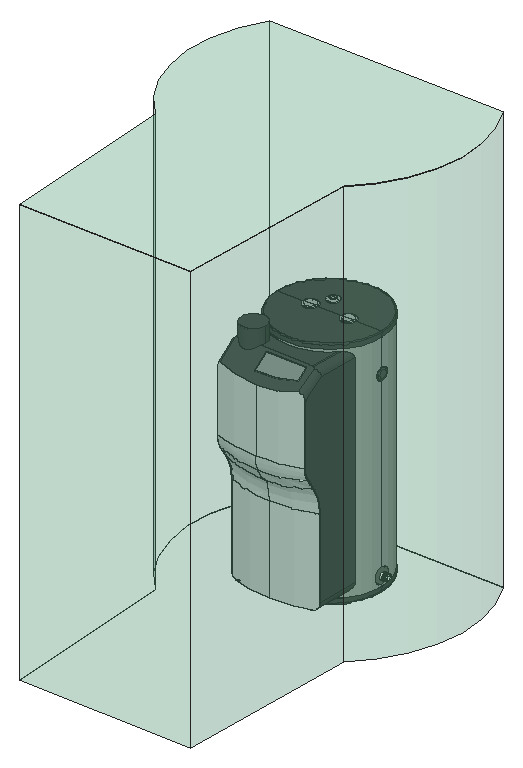
Revit family "Innovo BEFR_IR 12 160 BEFR LP", category Mechanical Equipment, Revit 2015
Parameters (values of type "IR-12-160 BEFR LP")
  largeur d'emballage = 786 mm  # constant formula
  l'Intervalle d'Entretien = "12 mois"  # constant formula
  Workspace Radius = Diameter + 170 mm  # 730 mm
  Workspace Height = Hauteur + 1000 mm  # 2270 mm
  Workspace Front Distance = 1000 mm
  Workspace [instance] = yes
  Valve Height 02 = if(and(Hauteur = 1745 mm, Diameter = 675 mm), 1518 mm, if(and(Hauteur = 1745 mm, Diameter = 610 mm), 1534 mm, if(Hauteur = 1545 mm, 1328 mm, 1070 mm)))  # 1070 mm
  Valve Height 01 = if(and(Diameter > 560 mm), 693 mm, 604 mm)  # 604 mm
  Valeur Maximale du Thermostat de Régulation = 85 °C  # constant formula
  Valeur Manimale du Thermostat de Régulation = 40 °C  # constant formula
  Valeur Défaut du Thermostat de Régulation = 65 °C  # constant formula
  URL = "www.aosmith.be"
  Type d'Installation = "B23/C13/C33/C43/C53/C63"  # constant formula
  Type d'emballage = "Carton et bois"  # constant formula
  Tension d'Alimentation (-15%, +10%) = 230 V  # constant formula
  Température Maximale des Fumées = 45 °C
  Temps de réchauffement à ΔT = 70°C = "42"
  Temps de réchauffement à ΔT = 55°C = "34"
  Temps de réchauffement à ΔT = 50°C = "31"
  Temps de réchauffement à ΔT = 44°C = "27"
  Temps de réchauffement à ΔT = 28°C = "17"
  Spécifications du Produit = ""
  Réglages du thermostat du chauffe-eau = 65 °C  # constant formula
  Réglage Standard Pour = "G20/G25"
  Rendement Saisonnier (Hs) = [Rendement (Hs, acc. NEN-EN 89 - 1999)]  # 96
  Rendement (Hs, acc. NEN-EN 89 - 1999) = 96
  Rendement (Hi, acc. NEN-EN 89 - 1999) = 107
  Raccord Évacuation de la Condensation = 40 mm  # constant formula
  Raccord de la Soupape de Vidange = 3/4"
  Raccord de Sortie d'Eau Chaude = 3/4"
  Raccord de Gaz = 15"  # constant formula
  Raccord d'Alimentation en Eau Froide = 3/4"  # constant formula
  Raccord Robinet de Vidange = 3/4"  # constant formula
  Puissance Électrique Absorbée (sommet) = 85 W
  Puissance Électrique Absorbée (nominal) = 25 W
  Profondeur d'emballage = 946 mm  # constant formula
  Profondeur = 780 mm  # constant formula
  Profils de soutirage déclaré = "XL"
  Production Nominale = "11700.0/9600.0"
  Pression de Fonctionnement Maximale = 800000.0 Pa  # constant formula
  Pression Différentielle d'Ouverture de l'Interrupteur de Pression < = 115.0 Pa
  Pression Amont de Gaz = "2000/2500 Pa"
  Precaustions during assembling, installation or maintenance = "voir Manuel d'installation, d'emploi er d'entretien"  # constant formula
  Poids à vide = 95 kg
  Poids de Transport = 114 kg
  Phase = 1
  Pertes en Veille - tous les jours (24h) = 0 W
  Pertes en Veille = 0 W
  Nombre de modèle du produit (EAN) = "8717449285890"
  Niveau du Son dB (A) = "<45"  # constant formula
  Niveau de puissance acoustique à l'intérieur = "41 dB"
  NOx-émissions mg/kWh = "22.0/23.0"
  NOx-émissions (ven air, 0% O2) ppm = "14.0/14.0"
  Modèdele = "IR-12-160"
  Model = "IR-12-160 FR NAT"
  Marque commerciale = "A.O. Smith"  # constant formula
  Manufacturer = "A.O. Smith Water Products Company b.v."  # constant formula
  Largeur = Diameter  # 560 mm
  La commande intelligente = no
  L'efficacité énergétique pour le chauffage de l'eau (2) = "-"
  L'efficacité énergétique pour le chauffage de l'eau (1) = "92%"
  Hauteur du Raccordement au Gaz = 860 mm
  Hauteur de la Sortie d'eau Chaude = 1270 mm
  Hauteur de l'Alimentation en eau Froide = 170 mm
  Hauteur d'emballage = 1465 mm
  Hauteur Conduit d'Évacuation des Fumées = 1295 mm
  Hauteur Conduit d'Alimentation en Air = 1295 mm
  Hauteur = 1270 mm
  Guide de Produit = ""
  Garantie sur la Cuve = "36 mois"  # constant formula
  Garantie Pièces = "12 mois"  # constant formula
  Fréquence secteur = 50 Hz  # constant formula
  Forctionner qu'en heures creuses = no
  Fabricant No. = "E 7110"  # constant formula
  Epaisseur d'Isolation = 50 mm
  Débit de vidage à ΔT = 70°C après 90 min. = 270.0 L
  Débit de vidage à ΔT = 70°C après 60 min. = 200.0 L
  Débit de vidage à ΔT = 70°C après 30 min. = 120.0 L
  Débit de vidage à ΔT = 70°C après 120 min. = 340.0 L
  Débit de vidage à ΔT = 55°C après 90 min. = 370.0 L
  Débit de vidage à ΔT = 55°C après 60 min. = 270.0 L
  Débit de vidage à ΔT = 55°C après 30 min. = 180.0 L
  Débit de vidage à ΔT = 55°C après 120 min. = 460.0 L
  Débit de vidage à ΔT = 50°C après 90 min. = 410.0 L
  Débit de vidage à ΔT = 50°C après 60 min. = 310.0 L
  Débit de vidage à ΔT = 50°C après 30 min. = 210.0 L
  Débit de vidage à ΔT = 50°C après 120 min. = 510.0 L
  Débit de vidage à ΔT = 44°C après 90 min. = 480.0 L
  Débit de vidage à ΔT = 44°C après 60 min. = 360.0 L
  Débit de vidage à ΔT = 44°C après 30 min. = 250.0 L
  Débit de vidage à ΔT = 44°C après 120 min. = 590.0 L
  Débit de vidage à ΔT = 28°C après 90 min. = 780.0 L
  Débit de vidage à ΔT = 28°C après 60 min. = 600.0 L
  Débit de vidage à ΔT = 28°C après 30 min. = 420.0 L
  Débit de vidage à ΔT = 28°C après 120 min. = 960.0 L
  Débit de vidage en Continu à ΔT = 70°C = 150.0 L/s
  Débit de vidage en Continu à ΔT = 55°C = 190.0 L/s
  Débit de vidage en Continu à ΔT = 50°C = 200.0 L/s
  Débit de vidage en Continu à ΔT = 44°C = 230.0 L/s
  Débit de vidage en Continu à ΔT = 28°C = 360.0 L/s
  Diamètre Cheminée - Système Parallèle = "2x80"  # constant formula
  Diamètre Cheminée - Système Concentrique = "80/125 mm/mm"  # constant formula
  Diamètre Cheminée - Boiler = "80/125 mm/mm"  # constant formula
  Diameter = 560 mm
  Destination / Country = "Belgique"  # constant formula
  Description = "Préparateur ECS Solaire en Combinaison avec Réservoir de Stockage"  # constant formula
  D'autres profils de soutirage = "-"
  Created By = "http://www.cadcompany.nl/"
  Consommation de Gaz - Volume ltr/hr = "1.20/1.10"
  Consommation de Gaz - Masse kg/h = "a/p"
  Class d'efficacité énergétique (2) = "-"
  Class d'efficacité énergétique (1) = "A"  # constant formula
  Charge Nominale (Valeur Supérieure) = "12100.0/10000.0"
  Charge Nominale (Valeur Inférieure) = "10900.0/9000.0"
  Charge Maximale au Sol = 274 kg
  Catégorie de Gaz = "I2E(S)B"
  Capacité = 160.0 L
  CO2 Émissions (tol. +/- 1.0) vol% = "9.3/7.5"
  CE-PIN = "0063CQ3037"  # constant formula
  BIM Content Developer = "CAD & Company"  # constant formula
  Assembly Code = "D3010"
  Annual fuel consumption (2) = "-"
  Annual fuel consumption (1) = "16 GJ GCV"
  Annual electricity consumption (2) = "-"
  Annual electricity consumption (1) = "38 kWh"
  2ème Entretien (Entretien Général) = "12 mois après l'installation"  # constant formula
  1er Entretien (check-up) = "3 mois après l'installation"  # constant formula
Reference planes
  plane 1 "Center (Front/Back)": y = 0
  plane 2: z = 0
  plane 3 "Center (Left/Right)": x = 0
  plane 4 "Pipe": through (-383.901, 912.349, 194.799) normal (-0.0879, -0.0879, 0.9923)
  plane 5 "footing": y = 118.925
  plane 6 "footing front": y = -237.85
  plane 7: x = -280
  plane 8: x = 280
  plane 9: z = 1270
Forms (mm)
  Revolve 1, solid, material "RAL 9005", detail levels medium+fine
    sketch origin (0, -237.85, 0) x (-1, 0, 0) y (0, 0, 1)
      loop
        line (0, 28.9) -> (-15, 28.9) -> (-15, 26.4) -> (-8.671, 26.4) -> (-8.671, 18) -> (-5.686, 18) -> (-6.626, 17.06) -> (-6.626, 12.06) -> (-8.671, 12.06) -> (-8.671, 10) -> (-10.031, 10) -> (-23.271, 5.181)
        arc (-23.271, 5.181) -> (-23.763, 4.836) -> (-24.017, 4.293) r 1.159
        line (-24.017, 4.293) -> (-24.017, 1.03)
        arc (-24.017, 1.03) -> (-23.715, 0.302) -> (-22.986, 0) r 1.03
        line (-22.986, 0) -> (0, 0) -> (0, 28.9)
      axis (0, 28.9) -> (0, 0)
    angle from 0 to 360
  Revolve 2, solid, material "RAL 9005", detail levels medium+fine
    sketch origin (0, 118.925, 0) x (-1, 0, 0) y (0, 0, 1)
      loop
        line (-180.984, 28.9) -> (-195.984, 28.9) -> (-195.984, 26.4) -> (-189.655, 26.4) -> (-189.655, 18) -> (-186.67, 18) -> (-187.61, 17.06) -> (-187.61, 12.06) -> (-189.655, 12.06) -> (-189.655, 10) -> (-191.015, 10) -> (-204.256, 5.181)
        arc (-204.256, 5.181) -> (-204.747, 4.836) -> (-205.001, 4.293) r 1.159
        line (-205.001, 4.293) -> (-205.001, 1.03)
        arc (-205.001, 1.03) -> (-204.699, 0.302) -> (-203.971, 0) r 1.03
        line (-203.971, 0) -> (-180.984, 0) -> (-180.984, 28.9)
      axis (-180.984, 28.9) -> (-180.984, 0)
    angle from 0 to 360
  Revolve 3, solid, material "RAL 9005", detail levels medium+fine
    sketch origin (0, 118.925, 0) x (-1, 0, 0) y (0, 0, 1)
      loop
        line (179.016, 28.9) -> (164.016, 28.9) -> (164.016, 26.4) -> (170.345, 26.4) -> (170.345, 18) -> (173.33, 18) -> (172.39, 17.06) -> (172.39, 12.06) -> (170.345, 12.06) -> (170.345, 10) -> (168.985, 10) -> (155.744, 5.181)
        arc (155.744, 5.181) -> (155.253, 4.836) -> (154.999, 4.293) r 1.159
        line (154.999, 4.293) -> (154.999, 1.03)
        arc (154.999, 1.03) -> (155.301, 0.302) -> (156.029, 0) r 1.03
        line (156.029, 0) -> (179.016, 0) -> (179.016, 28.9)
      axis (179.016, 28.9) -> (179.016, 0)
    angle from 0 to 360
Lines and regions (mm)
  symbolic lines
    curve 1: line (0, 280.06, 0) -> (0, -280.06, 0)
    curve 2: line (-255.06, 0, 0) -> (255.06, 0, 0)
  symbolic lines, style "Workspace"
    curve 3: line (623.261, 380.06, 0) -> (-623.261, 380.06, 0)
    curve 4: arc (-623.261, 380.06, 0) -> (-726.942, -66.745, 0) -> (-543.632, -487.2, 0) r 730
    curve 5: line (-543.632, -487.2, 0) -> (-396.783, -1492.825, 0)
    curve 6: line (-396.783, -1492.825, 0) -> (399.03, -1492.825, 0)
    curve 7: line (399.03, -1492.825, 0) -> (545.76, -484.816, 0)
    curve 8: arc (545.76, -484.816, 0) -> (727.087, -65.154, 0) -> (623.261, 380.06, 0) r 730
Dimensions and locks
  plane 5 "footing" to plane 1 "Center (Front/Back)" = 118.925 mm
  plane 1 "Center (Front/Back)" to plane 6 "footing front" = 237.85 mm
  "Diameter": plane 7 to plane 8
  equal spacing: plane 7, plane 3 "Center (Left/Right)", plane 8
  "Hauteur": plane 9 to plane 2
  "Workspace Front Distance": curve 6 to nested 3
  "Workspace Radius": radius of curve 4
  "Workspace Radius": radius of curve 8
  aligned and locked: level to plane 2
  aligned and locked: nested 3 to Revolve 1 sketch curve
  aligned and locked: plane 3 "Center (Left/Right)" to Revolve 1 sketch curve
  aligned and locked: nested 3 to plane 1 "Center (Front/Back)"
  aligned and locked: plane 3 "Center (Left/Right)" to nested 3
  aligned and locked: nested 1 to plane 8
  aligned and locked: nested 5 to plane 8
  aligned and locked: nested 2 to plane 7
  aligned and locked: nested 4 to plane 7
  aligned and locked: nested 7 to plane 7
  aligned and locked: nested 8 to plane 3 "Center (Left/Right)"
  aligned and locked: plane 1 "Center (Front/Back)" to nested 8
  aligned and locked: nested 8 to nested 3
  aligned and locked: curve 3 to nested 8
Automatic sketch dimensions
  Revolve 1 sketch curve to level = 0 mm
  plane 3 "Center (Left/Right)" to Revolve 1 sketch curve = 5.686 mm
  Revolve 1 sketch curve to Revolve 1 sketch curve = 0.94 mm  (x2)
  Revolve 1 sketch curve to Revolve 1 sketch curve = 2.046 mm  (x2)
  Revolve 1 sketch curve to Revolve 1 sketch curve = 1.359 mm
  Revolve 1 sketch curve to Revolve 1 sketch curve = 6.329 mm
  level to Revolve 1 sketch curve = 4.091 mm
  Revolve 1 sketch curve to Revolve 1 sketch curve = 12.844 mm
  level to Revolve 1 sketch curve = 1.03 mm
  Revolve 1 sketch curve to Revolve 1 sketch curve = 0.111 mm
  level to Revolve 1 sketch curve = 5.181 mm
  Revolve 1 sketch curve to Revolve 1 sketch curve = 0.745 mm
  level to Revolve 1 sketch curve = 10 mm
  Revolve 1 sketch curve to Revolve 1 sketch curve = 2.06 mm
  Revolve 1 sketch curve to Revolve 1 sketch curve = 5 mm
  Revolve 1 sketch curve to Revolve 1 sketch curve = 8.4 mm
  Revolve 1 sketch curve to Revolve 1 sketch curve = 2.5 mm
  Revolve 1 sketch curve to level = 19.635 mm
  Revolve 1 sketch curve to Revolve 1 sketch curve = 46.465 mm
  Revolve 2 sketch curve to level = 0 mm
  level to Revolve 2 sketch curve = 1.03 mm
  Revolve 2 sketch curve to plane 8 = 74.999 mm
  level to Revolve 2 sketch curve = 5.181 mm
  Revolve 2 sketch curve to Revolve 2 sketch curve = 0.745 mm
  Revolve 2 sketch curve to Revolve 2 sketch curve = 0.397 mm
  Revolve 2 sketch curve to Revolve 2 sketch curve = 8.271 mm
  Revolve 2 sketch curve to Revolve 2 sketch curve = 13.241 mm
  Revolve 2 sketch curve to Revolve 2 sketch curve = 1.359 mm
  Revolve 2 sketch curve to Revolve 2 sketch curve = 6.329 mm
  Revolve 2 sketch curve to Revolve 2 sketch curve = 2.046 mm
  level to Revolve 2 sketch curve = 18 mm
  Revolve 2 sketch curve to Revolve 2 sketch curve = 0.94 mm  (x2)
  Revolve 2 sketch curve to Revolve 2 sketch curve = 8.671 mm
  Revolve 2 sketch curve to Revolve 2 sketch curve = 1.089 mm
  Revolve 2 sketch curve to Revolve 2 sketch curve = 8 mm
  Revolve 2 sketch curve to Revolve 2 sketch curve = 2.06 mm
  Revolve 2 sketch curve to Revolve 2 sketch curve = 8.4 mm
  Revolve 2 sketch curve to Revolve 2 sketch curve = 2.5 mm
  Revolve 2 sketch curve to Revolve 2 sketch curve = 0 mm
  Revolve 2 sketch curve to level = 19.635 mm
  Revolve 2 sketch curve to Revolve 2 sketch curve = 46.465 mm
  Revolve 3 sketch curve to level = 0 mm
  level to Revolve 3 sketch curve = 1.03 mm
  Revolve 3 sketch curve to plane 7 = 125.001 mm
  level to Revolve 3 sketch curve = 5.181 mm
  Revolve 3 sketch curve to Revolve 3 sketch curve = 0.745 mm
  Revolve 3 sketch curve to Revolve 3 sketch curve = 0.397 mm
  Revolve 3 sketch curve to Revolve 3 sketch curve = 8.271 mm
  Revolve 3 sketch curve to Revolve 3 sketch curve = 13.241 mm
  Revolve 3 sketch curve to Revolve 3 sketch curve = 1.359 mm
  Revolve 3 sketch curve to Revolve 3 sketch curve = 6.329 mm
  Revolve 3 sketch curve to Revolve 3 sketch curve = 2.046 mm
  level to Revolve 3 sketch curve = 18 mm
  Revolve 3 sketch curve to Revolve 3 sketch curve = 0.94 mm  (x2)
  Revolve 3 sketch curve to Revolve 3 sketch curve = 8.671 mm
  Revolve 3 sketch curve to Revolve 3 sketch curve = 1.089 mm
  Revolve 3 sketch curve to Revolve 3 sketch curve = 8 mm
  Revolve 3 sketch curve to Revolve 3 sketch curve = 2.06 mm
  Revolve 3 sketch curve to Revolve 3 sketch curve = 8.4 mm
  Revolve 3 sketch curve to Revolve 3 sketch curve = 2.5 mm
  Revolve 3 sketch curve to Revolve 3 sketch curve = 0 mm
  Revolve 3 sketch curve to level = 19.635 mm
  Revolve 3 sketch curve to Revolve 3 sketch curve = 46.465 mm
  curve 4 to curve 8 = 0 mm  (x2)
  plane 1 "Center (Front/Back)" to curve 2 = 0 mm
  curve 1 to plane 3 "Center (Left/Right)" = 0 mm
  plane 1 "Center (Front/Back)" to curve 4 = 0 mm
  curve 4 to plane 3 "Center (Left/Right)" = 0 mm
  curve 5 to plane 6 "footing front" = 249.35 mm
  plane 7 to curve 5 = 116.783 mm
  plane 8 to curve 7 = 119.03 mm
  curve 7 to plane 6 "footing front" = 246.966 mm
  curve 2 to plane 7 = 24.94 mm
  curve 2 to plane 8 = 24.94 mm
  curve 1 to plane 6 "footing front" = 42.21 mm
  plane 5 "footing" to curve 1 = 161.135 mm
Nested families
  nested 1: "Valve" at (280, -0.38, 1070) x (0, 1, 0) z (0, 0, 1), built-in parameter 1001364 <- "Valve Height 02", type "Valve"
  nested 2: "Drain Valve" at (-280, 0, 1070), built-in parameter 1001364 <- "Valve Height 02", type "Drain Valve"
  nested 3: "Housing Mother Housing S 57 (external)" at (0, -274.886, 0), type "Housing Mother_Housing S_57"
  nested 4: "Drain Valve" at (-280, 0, 177), type "Drain Valve"
  nested 5: "Drain Valve" at (280, 0, 107) x (-1, 0, 0) z (0, 0, 1), type "Drain Valve"
  nested 6: "Boiler" at (0, 0, 0), height <- "Hauteur", type "Boiler"
    with height 1270 mm
  nested 7: "Drain Valve" at (-280, 0, 604), built-in parameter 1001364 <- "Valve Height 01", type "Drain Valve"
  nested 8: "Innovo_workspace" at (0, 0, 0), Workspace <- "Workspace", Workspace Distance Front <- "Workspace Front Distance", Workspace Height <- "Workspace Height", Workspace Radius <- "Workspace Radius", type "Workspace"
    with Workspace Radius 730 mm, Workspace Height 2270 mm, Workspace Distance Front 1000 mm, Workspace yes, Center to Front 492.825 mm
Connectors
  piping at (314.826, 0, 107), diameter 19.05, driven by "Raccord Robinet de Vidange"
    settings: on nested 5, index 1, connector inside diameter 24", connector length 0 mm, flow factor 0, pipe flow 0.0 L/s, pressure drop 0.0 Pa, fitting loss kfactor 0, connector angle 0.00°, fixture units 0, engagement length 0 mm, angle of deflection 0.00°, flow configuration 0, flow direction 0, fitting loss method 0, system type 19, joint type 0, gender type 0, connector reference index -1, connector utility 0, adjustable connector no, is connector primary yes, connector description ""
  hvac at (-147.013, -321.326, 1310.674)
    settings: on nested 3, index 2, duct flow 0.0 L/s, flow factor 0, pres drop 0.0 Pa, loss coef 0, conn angle 0.00°, conn width 304.8 mm, conn height 304.8 mm, conn diameter 125 mm, duct sys type 4, conn prof type 0, flow config 0, flow direction 0, loss method 0, conn ref index -1, conn util no, is conn primary yes, conn desc ""
Definition of nested family "Valve"
  Parameters (values of type "Valve")
    Type Comments = "T&P valve (internal)"
    Manufacturer = "A.O. Smith"
  Reference planes
    plane 1 "Center (Front/Back)": y = 0
    plane 2: z = 0
    plane 3 "Center (Left/Right)": x = 0
  Forms (mm)
    Extrusion 1, solid, detail levels fine
      sketch origin (0, 0, 0) x (1, 0, 0) y (0, 0, 1)
        loop
          circle (0, 0) r 31.5
      from -2.271 to 1.4
    Sweep 2, solid, detail levels fine
      path origin (0, -1.4, 0) x (1, 0, 0) y (0, 0, 1)
        loop
          circle (0, 0) r 31.5
      profile origin (0, -1.4, 31.5) x (0, 0, -1) y (0, -1, 0)
        loop
          line (7.3, 0) -> (7.3, 3) -> (0, 0) -> (7.3, 0)
  Dimensions and locks
    aligned and locked: level to plane 2
Definition of nested family "Drain Valve"
  Reference planes
    plane 1 "Center (Front/Back)": y = 0
    plane 2: z = 0
    plane 3 "Center (Left/Right)": x = 0
  Forms (mm)
    Revolve 1, solid, detail levels medium+fine
      sketch origin (0, 0, 0) x (1, 0, 0) y (0, 0, 1)
        loop
          line (-33.442, 15.696) -> (-34.826, 14.329) -> (-34.93, 12.731) -> (-16.555, 12.731) -> (-16.555, 0) -> (15.787, 0) -> (15.787, 18.3) -> (-14.4, 18.3) -> (-17.148, 15.533) -> (-18.729, 16.697) -> (-20.091, 15.333) -> (-21.672, 16.496) -> (-23.034, 15.133) -> (-24.614, 16.296) -> (-25.976, 14.932) -> (-27.557, 16.096) -> (-28.919, 14.732) -> (-30.5, 15.896) -> (-31.862, 14.532) -> (-33.442, 15.696)
        axis (-34.93, 0) -> (15.787, 0)
      angle from 0 to 360
  Dimensions and locks
    aligned and locked: level to plane 2
  Nested families
    nested 1: "Rubber sealing" at (2.592, -0.155, 0) x (0.0023, -1, 0) z (0, 0, 1), type "Rubber sealing", detail levels fine
  Definition of nested family "Rubber sealing"
    Reference planes
      plane 1 "Center (Front/Back)": y = 0
      plane 2: z = 0
      plane 3 "Center (Left/Right)": x = 0
    Forms (mm)
      Extrusion 1, solid, detail levels fine
        sketch origin (141.861, 319.581, 0) x (1, 0, 0) y (0, 1, 0)
          loop
            line (-216.354, -311.898) -> (-216.354, -313.94)
            arc (-216.354, -313.94) -> (-141.602, -321.581) -> (-66.861, -313.835) r 366.966
            line (-66.861, -313.835) -> (-66.861, -311.791)
            arc (-66.861, -311.791) -> (-141.602, -319.581) -> (-216.354, -311.898) r 364.966
        from -80 to 80
      Extrusion 2, void
        sketch origin (141.861, 319.581, 0) x (1, 0, 0) y (0, 0, 1)
          loop
            circle (-141.861, 0) r 13
          loop
            circle (-141.861, 0) r 110
          loop
            circle (-141.861, 0) r 40
        from 311.563 to 332.684
      Extrusion 3, void
        sketch origin (141.861, 319.581, 0) x (1, 0, 0) y (0, 0, 1)
          loop
            circle (-141.861, 0) r 18.25
        from 315.524 to 326.084
    Cuts and joins
      Extrusion 2, Extrusion 3 cuts Extrusion 1
    Dimensions and locks
      aligned and locked: level to plane 2
Definition of nested family "Housing Mother Housing S 57 (external)"
  Parameters (values of type "Housing Mother_Housing S_57")
    radius [instance] = 280 mm
    distance to boiler center = if(diameter = 675 mm, 189 mm, if(diameter = 610 mm, 154 mm, 129 mm))  # 129 mm
    diameter = 560 mm
  Reference planes
    plane 1 "Center (Front/Back)": y = 0
    plane 2: z = 0
    plane 3 "Center (Left/Right)": x = 0
    plane 4 "left": through (-245.286, 145.886, 1200) normal (0.9994, 0.0349, 0)
    plane 5: y = -217.939
    plane 6: y = 145.886
    plane 7: z = 1232.6
    plane 8: z = 65.89
    plane 9 "right": through (245.286, 145.886, 1200) normal (0.9994, -0.0349, 0)
    plane 10 "display": through (0, -90.37, 1221.196) normal (0, -0.5736, 0.8192)
    plane 11 "Potentiostat": z = 867.899
    plane 12 "boiler center": y = 274.886
    plane 13: x = -280
    plane 14: x = 280
  Forms (mm)
    Extrusion 1, solid
      sketch origin (0, 0, 0) x (1, 0, 0) y (0, 1, 0)
        loop
          line (-245.286, 145.886) -> (-232.581, -217.939) -> (232.581, -217.939) -> (245.286, 145.886)
          arc (245.286, 145.886) -> (0, 0.923) -> (-245.286, 145.886) r 280
      from 0 to 1232.6
    Sweep 2, void
      path origin (0, 0, 0) x (0, 1, 0) y (0, 0, 1)
        loop
          line (-217.939, 1232.6) -> (-217.939, 795.555)
          arc (-217.939, 795.555) -> (-212.387, 754.285) -> (-197.694, 715.322) r 183.924
          arc (-197.694, 715.322) -> (-179.915, 684.628) -> (-159.106, 655.901) r 348.284
          arc (-159.106, 655.901) -> (-131.411, 600.328) -> (-121.88, 538.973) r 202.254
          line (-121.88, 538.973) -> (-121.88, 61.106)
      profile origin (0, -217.939, 1014.077) x (1, 0, 0) y (0, 1, 0)
        loop
          arc (0, 0) -> (-117.533, 9.941) -> (-231.728, 39.475) r 699.984
          arc (-231.728, 39.475) -> (-233.391, 40.705) -> (-234.07, 42.659) r 3.505
          line (-234.07, 42.659) -> (-254.062, 42.659) -> (-254.062, -142.593) -> (254.07, -142.593) -> (254.07, 42.659) -> (234.07, 42.659)
          arc (234.07, 42.659) -> (233.391, 40.705) -> (231.728, 39.475) r 3.505
          arc (231.728, 39.475) -> (117.533, 9.941) -> (0, 0) r 699.984
    Extrusion 3, void
      sketch origin (0, 0, 0) x (0, 1, 0) y (0, 0, 1)
        loop
          arc (102.864, 70.869) -> (99.804, 70.709) -> (96.874, 69.813) r 12.57
          arc (96.874, 69.813) -> (87.878, 66.533) -> (78.516, 64.529) r 69.114
          arc (78.516, 64.529) -> (76.41, 64.284) -> (74.294, 64.148) r 41.206
          arc (74.294, 64.148) -> (65.203, 64.335) -> (56.122, 64.782) r 318.661
          arc (56.122, 64.782) -> (30.585, 66.179) -> (5.028, 67.128) r 1456.581
          line (5.028, 67.128) -> (-84.534, 73.135)
          arc (-84.534, 73.135) -> (-86.363, 73.808) -> (-87.536, 75.365) r 3.455
          line (-87.536, 75.365) -> (-264.473, 75.365) -> (-264.473, 0) -> (160.886, 0) -> (160.886, 103.945) -> (145.886, 103.945)
          arc (145.886, 103.945) -> (145.104, 97.827) -> (142.923, 92.059) r 26.364
          arc (142.923, 92.059) -> (141.067, 88.936) -> (138.867, 86.045) r 31.715
          arc (138.867, 86.045) -> (135.576, 82.49) -> (132.021, 79.2) r 62.615
          arc (132.021, 79.2) -> (125.841, 74.697) -> (119.091, 71.103) r 54.444
          arc (119.091, 71.103) -> (116.371, 70.272) -> (113.531, 70.123) r 11.669
          line (113.531, 70.123) -> (102.864, 70.869)
      from -254.062 to 254.07
    Sweep 4, void
      path origin (0, 0, 0) x (1, 0, 0) y (0, 1, 0)
        loop
          line (-245.286, 145.886) -> (-232.581, -217.939)
      profile origin (-238.933, -36.027, 0) x (0.999391, 0.034899, 0) y (0, 0, 1)
        loop
          line (-4.454, 0) -> (47.084, 0) -> (47.084, 73.431)
          arc (47.084, 73.431) -> (14.222, 85.134) -> (0.255, 117.1) r 43.922
          line (0.255, 117.1) -> (-4.454, 117.1) -> (-4.454, 0)
    Sweep 5, void
      path origin (0, 0, 0) x (-1, 0, 0) y (0, 1, 0)
        loop
          line (-245.286, 145.886) -> (-232.581, -217.939)
      profile origin (238.933, -36.027, 0) x (0.999391, -0.034899, 0) y (0, 0, 1)
        loop
          line (4.454, 0) -> (4.454, 117.1) -> (-0.255, 117.1)
          arc (-0.255, 117.1) -> (-14.222, 85.134) -> (-47.084, 73.431) r 43.922
          line (-47.084, 73.431) -> (-47.084, 0) -> (4.454, 0)
    Sweep 6, void
      path origin (-239.899, -8.377, 0) x (-0.034899, 0.999391, 0) y (0, 0, 1)
        loop
          line (-209.69, 1141.272) -> (-79.18, 1232.6) -> (154.358, 1232.6)
      profile origin (-241.211, 29.188, 1232.6) x (0, 0, 1) y (0.999391, 0.034899, 0)
        loop
          line (-45, -30) -> (75, -30) -> (75, 0) -> (75, 55) -> (2.799, 55) -> (-1.253, 35.128)
          arc (-1.253, 35.128) -> (-16.771, 9.564) -> (-45, -0.308) r 44.287
          line (-45, -0.308) -> (-45, -30)
    Sweep 7, void
      path origin (239.899, -8.377, 0) x (0.034899, 0.999391, 0) y (0, 0, 1)
        loop
          line (-209.69, 1141.272) -> (-79.18, 1232.6) -> (154.358, 1232.6)
      profile origin (241.211, 29.188, 1232.6) x (0, 0, -1) y (-0.999391, 0.034899, 0)
        loop
          line (-75, -25) -> (45, -25) -> (45, -0.308)
          arc (45, -0.308) -> (16.771, 9.564) -> (1.253, 35.128) r 44.287
          line (1.253, 35.128) -> (-2.799, 55) -> (-75, 55) -> (-75, -25)
    Extrusion 8, void
      sketch origin (0, 0, 0) x (0, 1, 0) y (0, 0, 1)
        loop
          line (-270, 1336.099) -> (-270, 1099.081) -> (68.497, 1336.099) -> (-270, 1336.099)
      from -425.038 to 444.42
    Extrusion 9, solid, detail levels medium+fine
      sketch origin (0, 0, 0) x (1, 0, 0) y (0, 1, 0)
        loop
          circle (-147.013, -46.44) r 65
      from 1163.174 to 1310.674
    Extrusion 10, void
      sketch origin (0, -603.506, 861.895) x (0, 0.819152, 0.573576) y (-1, 0, 0)
        loop
          arc (618.322, -173) -> (623.272, -170.95) -> (625.322, -166) r 7
          line (625.322, -166) -> (625.322, 35)
          arc (625.322, 35) -> (623.272, 39.95) -> (618.322, 42) r 7
          line (618.322, 42) -> (535.473, 42)
          arc (535.473, 42) -> (530.688, 40.11) -> (528.488, 35.46) r 7
          arc (528.488, 35.46) -> (531.569, -67.592) -> (554.18, -168.18) r 540
          arc (554.18, -168.18) -> (556.724, -171.668) -> (560.831, -173) r 7
          line (560.831, -173) -> (618.322, -173)
      from 0 to 137.286
    Sweep 11, solid, detail levels fine
      path origin (0, 0, 867.899) x (-1, 0, 0) y (0, -1, 0)
        loop
          line (309.749, -35.617) -> (204.371, -35.617)
          arc (204.371, -35.617) -> (196.509, -34.687) -> (189.082, -31.947) r 33.677
          line (189.082, -31.947) -> (-9.574, 69.274)
      profile origin (-257.06, 35.617, 867.899) x (0, 1, 0) y (0, 0, 1)
        loop
          circle (0, 0) r 7.316
        loop
          circle (0, 0) r 6.465
    Revolve 12, void
      sketch origin (0, 274.886, 0) x (-1, 0, 0) y (0, 0, 1)
        loop
          line (280, 1243.838) -> (0, 1243.838) -> (0, 54.9) -> (280, 54.9) -> (280, 1243.838)
        axis (0, 1243.838) -> (0, 54.9)
      angle from 0 to 360
  Cuts and joins
    Sweep 2, Extrusion 3, Sweep 4, Sweep 5, Sweep 6, Sweep 7, Extrusion 8, Extrusion 10, Revolve 12 cuts Extrusion 1
  Dimensions and locks
    plane 8 to plane 2 = 65.89 mm
    plane 7 to plane 8 = 1166.71 mm
    "distance to boiler center": plane 12 "boiler center" to plane 6
    "diameter": plane 14 to plane 13
    equal spacing: plane 14, plane 3 "Center (Left/Right)", plane 13
    "radius": plane 3 "Center (Left/Right)" to plane 13
    aligned and locked: level to plane 2
    aligned and locked: Extrusion 1 to plane 7
    aligned and locked: Extrusion 1 sketch curve to plane 5
    aligned and locked: Sweep 2 to Extrusion 3
    aligned and locked: Extrusion 3 to Sweep 2  (x2)
    aligned and locked: plane 7 to Sweep 2 sketch curve
    aligned and locked: plane 3 "Center (Left/Right)" to Revolve 12 sketch curve
    aligned and locked: Revolve 12 sketch curve to plane 3 "Center (Left/Right)"
    aligned and locked: plane 13 to Revolve 12 sketch curve
  Automatic sketch dimensions
    Extrusion 1 sketch curve to plane 4 "left" = 0 mm  (x2)
    Extrusion 1 sketch curve to plane 6 = 0 mm  (x2)
    Extrusion 1 sketch curve to plane 3 "Center (Left/Right)" = 0 mm
    Extrusion 1 sketch curve to plane 9 "right" = 0 mm
    plane 6 to Extrusion 1 sketch curve = 135.037 mm
    Sweep 2 sketch curve to plane 5 = 0 mm
    plane 5 to Sweep 2 sketch curve = 106.195 mm
    Sweep 2 sketch curve to plane 5 = 96.059 mm
    plane 1 "Center (Front/Back)" to Sweep 2 sketch curve = 34.053 mm
    plane 11 "Potentiostat" to Sweep 2 sketch curve = 6.417 mm
    Sweep 2 sketch curve to plane 6 = 33.705 mm
    Sweep 2 sketch curve to plane 11 "Potentiostat" = 68.615 mm
    Sweep 2 sketch curve to plane 11 "Potentiostat" = 72.345 mm
    Sweep 2 sketch curve to Sweep 2 sketch curve = 176.349 mm
    Sweep 2 sketch curve to Sweep 2 sketch curve = 0 mm  (x2)
    plane 8 to Sweep 2 sketch curve = 4.784 mm
    Extrusion 3 sketch curve to level = 0 mm
    Extrusion 3 sketch curve to plane 6 = 0 mm
    Extrusion 3 sketch curve to plane 6 = 26.363 mm
    Extrusion 3 sketch curve to Extrusion 3 sketch curve = 4.75 mm
    Extrusion 3 sketch curve to Extrusion 3 sketch curve = 5.179 mm
    Extrusion 3 sketch curve to plane 8 = 4.232 mm
    Extrusion 3 sketch curve to Extrusion 3 sketch curve = 0.814 mm
    Extrusion 3 sketch curve to plane 8 = 4.978 mm
    Extrusion 3 sketch curve to Extrusion 3 sketch curve = 10.667 mm
    Extrusion 3 sketch curve to Extrusion 3 sketch curve = 0.877 mm
    Extrusion 3 sketch curve to Extrusion 3 sketch curve = 17.827 mm
    Extrusion 3 sketch curve to Extrusion 3 sketch curve = 5.646 mm
    Extrusion 3 sketch curve to plane 6 = 69.562 mm
    Extrusion 3 sketch curve to Extrusion 3 sketch curve = 18.6 mm
    Extrusion 3 sketch curve to Extrusion 3 sketch curve = 22.538 mm
    Extrusion 3 sketch curve to plane 8 = 1.238 mm
    Extrusion 3 sketch curve to plane 1 "Center (Front/Back)" = 5.028 mm
    plane 1 "Center (Front/Back)" to Extrusion 3 sketch curve = 36.224 mm
    Extrusion 3 sketch curve to plane 8 = 10.692 mm
    plane 1 "Center (Front/Back)" to Extrusion 3 sketch curve = 84.302 mm
    Extrusion 3 sketch curve to plane 8 = 7.244 mm
    Extrusion 3 sketch curve to Extrusion 3 sketch curve = 0.231 mm
    Extrusion 3 sketch curve to Extrusion 3 sketch curve = 3.234 mm
    plane 5 to Extrusion 3 sketch curve = 46.534 mm
    plane 6 to Extrusion 3 sketch curve = 15 mm
    Extrusion 3 sketch curve to level = 1388.869 mm
    plane 8 to Extrusion 3 sketch curve = 7.561 mm
    Extrusion 3 sketch curve to Extrusion 3 sketch curve = 11.64 mm
    Extrusion 3 sketch curve to plane 8 = 38.054 mm
    Extrusion 3 sketch curve to Extrusion 3 sketch curve = 22.442 mm
    Extrusion 3 sketch curve to plane 8 = 39.432 mm
    Extrusion 3 sketch curve to Extrusion 3 sketch curve = 2.466 mm
    Extrusion 3 sketch curve to Extrusion 3 sketch curve = 14.17 mm
    Extrusion 3 sketch curve to Extrusion 3 sketch curve = 5.925 mm
    Extrusion 3 sketch curve to Extrusion 3 sketch curve = 6.186 mm
    Extrusion 3 sketch curve to Extrusion 3 sketch curve = 249.85 mm
    Extrusion 3 sketch curve to Extrusion 3 sketch curve = 0 mm  (x4)
    Extrusion 3 sketch curve to Extrusion 3 sketch curve = 6.845 mm
    plane 8 to Extrusion 3 sketch curve = 1.743 mm
    Sweep 4 sketch curve to plane 4 "left" = 0 mm  (x2)
    Sweep 4 sketch curve to plane 6 = 0 mm
    plane 5 to Sweep 4 sketch curve = 0 mm
    Sweep 4 sketch curve to level = 0 mm
    profile plane to Sweep 4 sketch curve = 4.454 mm
    Sweep 4 sketch curve to profile plane = 0.255 mm
    Sweep 4 sketch curve to Sweep 4 sketch curve = 43.922 mm
    Sweep 4 sketch curve to profile plane = 47.084 mm
    level to Sweep 4 sketch curve = 73.431 mm
    Sweep 4 sketch curve to Sweep 4 sketch curve = 43.669 mm
    Sweep 5 sketch curve to plane 6 = 0 mm
    Sweep 5 sketch curve to plane 9 "right" = 0 mm  (x2)
    plane 5 to Sweep 5 sketch curve = 0 mm
    Sweep 5 sketch curve to level = 0 mm
    profile plane to Sweep 5 sketch curve = 47.084 mm
    Sweep 5 sketch curve to Sweep 5 sketch curve = 2.907 mm
    profile plane to Sweep 5 sketch curve = 0.255 mm
    Sweep 5 sketch curve to profile plane = 4.454 mm
    level to Sweep 5 sketch curve = 73.431 mm
    Sweep 5 sketch curve to Sweep 5 sketch curve = 43.669 mm
    Sweep 6 sketch curve to plane 7 = 0 mm
    plane 7 to Sweep 6 sketch curve = 91.328 mm
    Sweep 6 sketch curve to Sweep 6 sketch curve = 130.509 mm
    Sweep 6 sketch curve to Sweep 6 sketch curve = 233.538 mm
    Sweep 6 sketch curve to plane 4 "left" = 0 mm
    profile plane to Sweep 6 sketch curve = 45 mm
    Sweep 6 sketch curve to Sweep 6 sketch curve = 0.354 mm
    profile plane to Sweep 6 sketch curve = 1.253 mm
    Sweep 6 sketch curve to profile plane = 2.799 mm
    Sweep 6 sketch curve to Sweep 6 sketch curve = 72.201 mm
    Sweep 6 sketch curve to plane 4 "left" = 0.308 mm
    Sweep 6 sketch curve to Sweep 6 sketch curve = 29.692 mm
    plane 4 "left" to Sweep 6 sketch curve = 35.128 mm
    plane 4 "left" to Sweep 6 sketch curve = 55 mm
    Sweep 7 sketch curve to plane 7 = 0 mm
    Sweep 7 sketch curve to plane 7 = 91.328 mm
    Sweep 7 sketch curve to Sweep 7 sketch curve = 130.509 mm
    Sweep 7 sketch curve to Sweep 7 sketch curve = 233.538 mm
    Sweep 7 sketch curve to plane 9 "right" = 25 mm
    profile plane to Sweep 7 sketch curve = 75 mm
    profile plane to Sweep 7 sketch curve = 2.799 mm
    Sweep 7 sketch curve to profile plane = 1.253 mm
    Sweep 7 sketch curve to Sweep 7 sketch curve = 43.393 mm
    Sweep 7 sketch curve to profile plane = 45 mm
    Sweep 7 sketch curve to plane 9 "right" = 0.308 mm
    plane 9 "right" to Sweep 7 sketch curve = 35.128 mm
    Sweep 7 sketch curve to Sweep 7 sketch curve = 19.872 mm
    plane 5 to Extrusion 8 sketch curve = 52.061 mm
    Extrusion 8 sketch curve to plane 1 "Center (Front/Back)" = 68.497 mm
    plane 7 to Extrusion 8 sketch curve = 133.519 mm
    Extrusion 8 sketch curve to plane 7 = 103.499 mm
    plane 1 "Center (Front/Back)" to Extrusion 9 sketch curve = 46.44 mm
    Extrusion 9 sketch curve to plane 3 "Center (Left/Right)" = 147.013 mm
    Extrusion 10 sketch curve to plane 3 "Center (Left/Right)" = 0 mm
    Extrusion 10 sketch curve to plane 3 "Center (Left/Right)" = 35 mm
    Extrusion 10 sketch curve to Extrusion 10 sketch curve = 25.359 mm
    Extrusion 10 sketch curve to Extrusion 10 sketch curve = 57.491 mm
    Extrusion 10 sketch curve to plane 3 "Center (Left/Right)" = 42 mm
    Extrusion 10 sketch curve to Extrusion 10 sketch curve = 82.85 mm
    Extrusion 10 sketch curve to Extrusion 10 sketch curve = 7 mm
    Extrusion 10 sketch curve to Extrusion 10 sketch curve = 442 mm
    plane 3 "Center (Left/Right)" to Extrusion 10 sketch curve = 166 mm
    Extrusion 10 sketch curve to Extrusion 10 sketch curve = 0 mm  (x2)
    Sweep 11 sketch curve to plane 1 "Center (Front/Back)" = 31.947 mm
    Sweep 11 sketch curve to plane 3 "Center (Left/Right)" = 189.082 mm
    Sweep 11 sketch curve to plane 1 "Center (Front/Back)" = 1.94 mm
    Sweep 11 sketch curve to Sweep 11 sketch curve = 15.289 mm
    plane 3 "Center (Left/Right)" to Sweep 11 sketch curve = 9.574 mm
    Sweep 11 sketch curve to Sweep 11 sketch curve = 105.378 mm
    plane 1 "Center (Front/Back)" to Sweep 11 sketch curve = 69.274 mm
    Sweep 11 sketch curve to Sweep 11 sketch curve = 0 mm  (x2)
    Sweep 11 sketch curve to plane 11 "Potentiostat" = 0 mm
    Sweep 11 sketch curve to profile plane = 0 mm
    plane 8 to Revolve 12 sketch curve = 10.99 mm
    Revolve 12 sketch curve to plane 7 = 11.238 mm
    Revolve 12 sketch curve to level = 366.045 mm
    Revolve 12 sketch curve to Revolve 12 sketch curve = 971.917 mm
    Sweep 2 sketch curve to plane 3 "Center (Left/Right)" = 0 mm
    profile plane to Sweep 2 sketch curve = 0 mm
    Sweep 2 sketch curve to plane 3 "Center (Left/Right)" = 0.016 mm
    Sweep 2 sketch curve to profile plane = 42.782 mm  (x2)
    Sweep 2 sketch curve to plane 3 "Center (Left/Right)" = 230.568 mm
    plane 3 "Center (Left/Right)" to Sweep 2 sketch curve = 0.016 mm
    plane 3 "Center (Left/Right)" to Sweep 2 sketch curve = 230.568 mm
    Sweep 2 sketch curve to Sweep 2 sketch curve = 3.502 mm  (x2)
    Sweep 2 sketch curve to Sweep 2 sketch curve = 20 mm
    profile plane to Sweep 2 sketch curve = 142.593 mm
    Sweep 2 sketch curve to Sweep 2 sketch curve = 0.122 mm  (x2)
    Sweep 2 sketch curve to Sweep 2 sketch curve = 657.203 mm
    Sweep 2 sketch curve to Sweep 2 sketch curve = 19.991 mm
    radius of Extrusion 9 sketch curve = 65 mm
    radius of Sweep 11 sketch curve = 7.316 mm
    radius of Sweep 11 sketch curve = 6.465 mm
  Nested families
    nested 1: "display" at (65.5, -130.939, 1192.79) x (-1, 0, 0) z (0, -0.5736, 0.8192), type "display"
  Definition of nested family "display"
    Parameters (values of type "display")
      Default Elevation = 1219.2 mm
    Reference planes
      plane 1 "Center (Front/Back)": y = 0
      plane 2: z = 0
      plane 3 "Center (Left/Right)": x = 0
    Forms (mm)
      Extrusion 1, solid, detail levels medium+fine
        sketch origin (-16.958, 11.842, -343.878) x (1, 0, 0) y (0, 0, -1)
          loop
            line (-233.523, -343.878) -> (-233.523, -346.592) -> (332.686, -346.592) -> (332.686, -343.878) -> (-233.523, -343.878)
        from -228.7 to 150.822
      Extrusion 2, void
        sketch origin (-16.958, 6.842, -343.878) x (1, 0, 0) y (0, 1, 0)
          loop
            line (-233.523, 155.822) -> (-233.523, -223.7) -> (332.686, -223.7) -> (332.686, 155.822) -> (-233.523, 155.822)
          loop
            arc (-90.542, -48.267) -> (-88.492, -53.216) -> (-83.542, -55.267) r 7
            line (-83.542, -55.267) -> (117.458, -55.267)
            arc (117.458, -55.267) -> (122.408, -53.216) -> (124.458, -48.267) r 7
            line (124.458, -48.267) -> (124.458, 34.583)
            arc (124.458, 34.583) -> (122.568, 39.368) -> (117.918, 41.568) r 7
            arc (117.918, 41.568) -> (14.866, 38.487) -> (-85.722, 15.876) r 540
            arc (-85.722, 15.876) -> (-89.21, 13.332) -> (-90.542, 9.224) r 7
            line (-90.542, 9.224) -> (-90.542, -48.267)
        from 328.878 to 363.083
    Cuts and joins
      Extrusion 2 cuts Extrusion 1
    Dimensions and locks
      aligned and locked: level to plane 2
Definition of nested family "Boiler"
  Parameters (values of type "Boiler")
    radius [instance] = 280 mm
    height [instance] = 1270 mm
    Diameter = 560 mm
  Reference planes
    plane 1 "Center (Front/Back)": y = 0
    plane 2: z = 0
    plane 3 "Center (Left/Right)": x = 0
    plane 4: z = 1243.838
    plane 5: z = 1270
    plane 6 "bottom": z = 28.9
    plane 7: z = 54.9
    plane 8 "top controle": y = 88
    plane 9: x = -280
    plane 10: x = 280
  Forms (mm)
    Revolve 1, solid
      sketch origin (0, 0, 0) x (1, 0, 0) y (0, 0, 1)
        loop
          line (0, 54.9) -> (-280, 54.9) -> (-280, 32.9)
          arc (-280, 32.9) -> (-278.828, 30.072) -> (-276, 28.9) r 4
          line (-276, 28.9) -> (0, 28.9) -> (0, 54.9)
        axis (0, 28.9) -> (0, 54.9)
      angle from 0 to 360
    Revolve 2, solid
      sketch origin (1.311, 0, 0) x (1, 0, 0) y (0, 0, 1)
        loop
          line (-278.86, 1243.838) -> (-278.86, 54.9) -> (-1.311, 54.9) -> (-1.311, 1243.838) -> (-278.86, 1243.838)
        axis (-1.311, 1243.838) -> (-1.311, 54.9)
      angle from 0 to 360
    Revolve 3, solid
      sketch origin (-9.205, 0, 377.212) x (-1, 0, 0) y (0, 0, 1)
        loop
          line (-148.904, 892.788) -> (-110.805, 892.788) -> (-110.805, 895.963) -> (-141.883, 895.963) -> (-148.904, 893.62) -> (-148.904, 892.788)
        axis (-110.805, 892.788) -> (-110.805, 895.963)
      angle from 0 to 360
    Revolve 4, solid
      sketch origin (0, 0, 718.065) x (1, 0, 0) y (0, 0, -1)
        loop
          line (0, -525.773) -> (-280, -525.773) -> (-280, -547.935)
          arc (-280, -547.935) -> (-278.828, -550.763) -> (-276, -551.935) r 4
          line (-276, -551.935) -> (0, -551.935) -> (0, -525.773)
        axis (0, -551.935) -> (0, -525.773)
      angle from 0 to 360
    Revolve 5, solid
      sketch origin (0, 88, 0) x (1, 0, 0) y (0, 0, 1)
        loop
          line (-19.051, 1270) -> (-19.051, 1271.074) -> (-32.63, 1275.604) -> (-32.63, 1271.117) -> (-37.266, 1271.117) -> (-38.383, 1270) -> (-19.051, 1270)
        axis (-50.8, 1270) -> (-50.8, 1275.604)
      angle from 0 to 360
    Revolve 6, solid
      sketch origin (-217.12, 0, 372.245) x (-1, 0, 0) y (0, 0, 1)
        loop
          line (-153.622, 897.755) -> (-115.52, 897.755) -> (-115.52, 900.93) -> (-146.626, 900.93) -> (-153.622, 898.596) -> (-153.622, 897.755)
        axis (-115.52, 897.755) -> (-115.52, 900.93)
      angle from 0 to 360
  Dimensions and locks
    "height": plane 5 to plane 2
    plane 6 "bottom" to plane 2 = 28.9 mm
    locked: plane 5 to plane 4 at 26.162
    locked: plane 1 "Center (Front/Back)" to plane 8 "top controle" at 88
    "Diameter": plane 10 to plane 9
    equal spacing: plane 10, plane 3 "Center (Left/Right)", plane 9
    "radius": plane 3 "Center (Left/Right)" to plane 9
    locked: plane 9 to Revolve 2 sketch curve at 2.452
    aligned and locked: level to plane 2
    aligned and locked: Revolve 2 sketch curve to plane 7
    aligned and locked: Revolve 2 sketch curve to plane 4
    aligned and locked: Revolve 1 sketch curve to plane 7
    aligned and locked: plane 6 "bottom" to Revolve 1 sketch curve
    aligned and locked: Revolve 4 sketch curve to plane 3 "Center (Left/Right)"
    aligned and locked: plane 5 to Revolve 4 sketch curve
    aligned and locked: Revolve 4 sketch curve to plane 4
    aligned and locked: plane 9 to Revolve 4 sketch curve
    aligned and locked: Revolve 1 sketch curve to plane 9
    aligned and locked: Revolve 2 sketch curve to plane 3 "Center (Left/Right)"
    aligned and locked: plane 3 "Center (Left/Right)" to Revolve 2 sketch curve
  Automatic sketch dimensions
    Revolve 1 sketch curve to plane 3 "Center (Left/Right)" = 0 mm  (x2)
    Revolve 1 sketch curve to Revolve 1 sketch curve = 4 mm
    Revolve 1 sketch curve to level = 40 mm
    Revolve 1 sketch curve to Revolve 1 sketch curve = 305.1 mm
    Revolve 2 sketch curve to level = 366.045 mm
    Revolve 2 sketch curve to plane 5 = 945.755 mm
    Revolve 3 sketch curve to plane 5 = 0 mm
    Revolve 3 sketch curve to plane 3 "Center (Left/Right)" = 139.699 mm
    plane 5 to Revolve 3 sketch curve = 3.175 mm
    Revolve 3 sketch curve to Revolve 3 sketch curve = 7.022 mm
    Revolve 3 sketch curve to Revolve 3 sketch curve = 31.078 mm
    Revolve 3 sketch curve to Revolve 3 sketch curve = 0.832 mm
    Revolve 3 sketch curve to Revolve 3 sketch curve = 0 mm
    Revolve 3 sketch curve to Revolve 3 sketch curve = 2.338 mm
    Revolve 3 sketch curve to Revolve 3 sketch curve = 4.487 mm
    Revolve 4 sketch curve to plane 3 "Center (Left/Right)" = 0 mm
    Revolve 4 sketch curve to Revolve 4 sketch curve = 4 mm
    Revolve 4 sketch curve to Revolve 4 sketch curve = 68.738 mm
    Revolve 4 sketch curve to Revolve 4 sketch curve = 305.1 mm
    Revolve 6 sketch curve to plane 5 = 0 mm
    plane 3 "Center (Left/Right)" to Revolve 6 sketch curve = 63.497 mm
    plane 5 to Revolve 6 sketch curve = 3.175 mm
    Revolve 6 sketch curve to Revolve 6 sketch curve = 6.997 mm
    Revolve 6 sketch curve to Revolve 6 sketch curve = 31.106 mm
    Revolve 6 sketch curve to Revolve 6 sketch curve = 0.84 mm
    Revolve 6 sketch curve to Revolve 6 sketch curve = 0 mm
    Revolve 6 sketch curve to Revolve 6 sketch curve = 7.216 mm
    Revolve 6 sketch curve to Revolve 6 sketch curve = 0.391 mm
    Revolve 5 sketch curve to Revolve 5 sketch curve = 13.578 mm
    Revolve 5 sketch curve to Revolve 5 sketch curve = 1.074 mm
    Revolve 5 sketch curve to Revolve 5 sketch curve = 12.417 mm
    Revolve 5 sketch curve to Revolve 5 sketch curve = 5.753 mm
    Revolve 5 sketch curve to plane 5 = 1.117 mm
    Revolve 5 sketch curve to Revolve 5 sketch curve = 1.117 mm
    plane 5 to Revolve 5 sketch curve = 4.396 mm
    Revolve 5 sketch curve to plane 5 = 0 mm
    Revolve 5 sketch curve to Revolve 5 sketch curve = 4.487 mm
    Revolve 5 sketch curve to plane 3 "Center (Left/Right)" = 38.383 mm
    Revolve 5 sketch curve to plane 5 = 5.604 mm
Definition of nested family "Innovo_workspace"
  Parameters (values of type "Workspace")
    Workspace Radius [instance] = 730 mm
    Workspace Height [instance] = 2270 mm
    Workspace Distance Front [instance] = 1000 mm
    Workspace [instance] = yes
    URL = "www.aosmith.nl"
    Model = ""
    Manufacturer = "A.O. Smith Water Products Company b.v."  # constant formula
    Description = ""
    Created By = ""
    Center to Front [instance] = 492.825 mm
    BIM Content Developer = "CAD & Company"  # constant formula
    Assembly Code = ""
  Reference planes
    plane 1 "Center (Front/Back)": y = 0
    plane 2: z = 0
    plane 3 "Center (Left/Right)": x = 0
    plane 4 "Pipe": through (-383.901, 912.349, 194.799) normal (-0.0879, -0.0879, 0.9923)
    plane 5 "front": y = -492.825
  Forms (mm)
    Extrusion 1, solid, visible <- "Workspace"
      sketch origin (0, 0, 0) x (1, 0, 0) y (0, 1, 0)
        loop
          line (456.53, -1492.825) -> (500.201, -531.695)
          arc (500.201, -531.695) -> (723.44, -97.643) -> (623.261, 380.06) r 730
          line (623.261, 380.06) -> (-623.261, 380.06)
          arc (-623.261, 380.06) -> (-723.227, -99.209) -> (-497.893, -533.856) r 730
          line (-497.893, -533.856) -> (-454.283, -1492.825) -> (456.53, -1492.825)
      from 0 to 2270 <- "Workspace Height"
  Lines and regions (mm)
    symbolic lines
      curve 1: line (0, 280.06, 0) -> (0, -280.06, 0)
      curve 2: line (-255.06, 0, 0) -> (255.06, 0, 0)
  Dimensions and locks
    locked: Extrusion 1 sketch curve to curve 1 at 100
    "Workspace Distance Front": plane 5 "front" to Extrusion 1
    "Center to Front": plane 1 "Center (Front/Back)" to plane 5 "front"
    "Workspace Radius": radius of Extrusion 1 sketch curve  (x2)
    aligned and locked: level to plane 2
  Automatic sketch dimensions
    plane 1 "Center (Front/Back)" to curve 2 = 0 mm
    curve 1 to plane 3 "Center (Left/Right)" = 0 mm
    plane 3 "Center (Left/Right)" to curve 2 = 255.06 mm
    curve 1 to plane 1 "Center (Front/Back)" = 280.06 mm
    curve 2 to plane 3 "Center (Left/Right)" = 255.06 mm
    plane 5 "front" to curve 1 = 212.765 mm
    Extrusion 1 sketch curve to Extrusion 1 sketch curve = 0 mm  (x2)
    plane 1 "Center (Front/Back)" to Extrusion 1 sketch curve = 0 mm
    Extrusion 1 sketch curve to plane 3 "Center (Left/Right)" = 0 mm
    Extrusion 1 sketch curve to plane 5 "front" = 41.031 mm
    Extrusion 1 sketch curve to plane 3 "Center (Left/Right)" = 454.283 mm
    plane 3 "Center (Left/Right)" to Extrusion 1 sketch curve = 456.53 mm
    Extrusion 1 sketch curve to plane 5 "front" = 38.869 mm
    Extrusion 1 sketch curve to Extrusion 1 sketch curve = 961.131 mm
